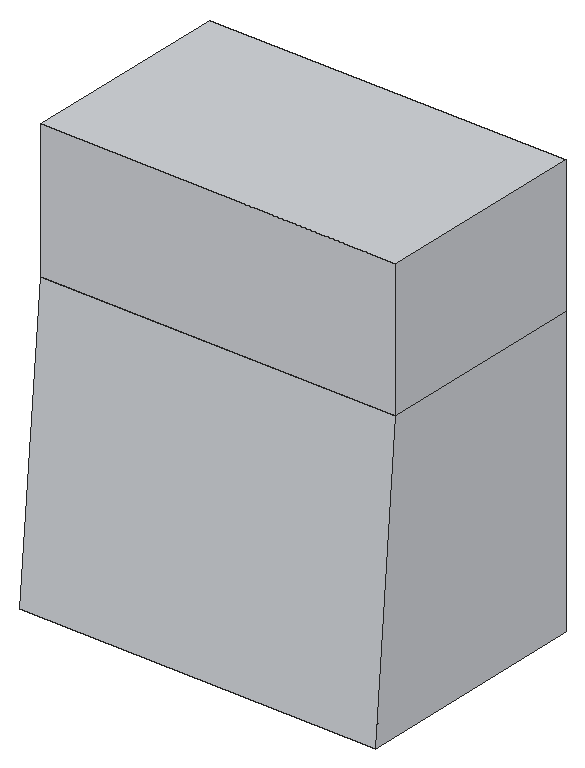
Revit family "M_Exaustor - Bancada - Sem dutos", category Terminais de ar, Revit 2019
Family settings
  Cota do conector redondo = Utilizar diâmetro
  Tipo de parte = Normal
  Número OmniClass = 23.40.70.11.11.11.14
  Título OmniClass = Laboratory Fume Hoods
  ID de item do Seek = Fume Hood - Bench - Ductless-0000-CAN-ENU
  Com base no plano de trabalho = Não
  Sempre na vertical = Sim
  Corte com vazios quando carregada = Não
  Compartilhado = Não
  Ponto de cálculo do ambiente = Não
Parameters (values of type "1050 mmx700 mmx1250 mm")
  Voltagem = 110 V
  Vidro de proteção = none
  Queda de pressão [instance] = 0.0 Pa
  Número de pólos = 1
  Fluxo mínimo = 48.14 L/s
  Fluxo máximo = 65.13 L/s
  Classificação de carga = Refrigeração
  Material da coifa = none
  Comprimento da coifa = 1066.8 mm
  Carga aparente = 270 VA
  Fluxo de ar [instance] = 65.13 L/s
Types (4, lengths in mm): name | Vidro de proteção | Queda de pressão | Comprimento da coifa
  (no name) | none | 0.0 Pa | 1066.8
  9100 mmx700 mmx1250 mm | Vidro | 124.42 Pa | 762
  1050 mmx700 mmx1250 mm | none | 0.0 Pa | 1066.8
  1350 mmx700 mmx1250 mm | none | 0.0 Pa | 1371.6
Reference planes
  plane 1 "Centro (Frente/Trás)": y = 0
  plane 2: z = 0
  plane 3 "Centro (Esquerda/Direita)": x = 0
  plane 4: y = 355.6
  plane 5: y = -355.6
  plane 6: z = 1270
  plane 7: z = 860.425
  plane 8: y = -279.4
  plane 9: x = -533.4
  plane 10: x = 533.4
  plane 11: x = -508
  plane 12: x = 508
Forms (mm)
  Extrusion 1, solid, material <- "Vidro de proteção"
    sketch origin (0, 0, 0) x (0, 1, 0) y (0, 0, 1)
      loop
        line (355.6, 860.425) -> (-279.4, 860.425) -> (-355.6, 0) -> (355.6, 0) -> (355.6, 860.425)
    from -533.4 to 533.4
  Extrusion 2, void
    sketch origin (0, 0, 0) x (0, 1, 0) y (0, 0, 1)
      loop
        line (330.2, 835.025) -> (-256.15, 835.025) -> (-327.851, 25.4) -> (330.2, 25.4) -> (330.2, 835.025)
    from -508 to 508
  Extrusion 3, solid
    sketch origin (0, 0, 0) x (0, 1, 0) y (0, 0, 1)
      loop
        line (355.6, 1270) -> (-279.4, 1270) -> (-279.4, 860.425) -> (355.6, 860.425) -> (355.6, 1270)
    from -533.4 to 533.4
Cuts and joins
  Extrusion 2 cuts Extrusion 1
Dimensions and locks
  equal spacing: plane 4, plane 1 "Centro (Frente/Trás)", plane 5
  locked: plane 4 to plane 5 at 711.2
  locked: plane 6 to plane 2 at 1270
  locked: plane 6 to plane 7 at 409.575
  locked: plane 4 to plane 8 at 635
  equal spacing: plane 9, plane 3 "Centro (Esquerda/Direita)", plane 10
  "Comprimento da coifa": plane 9 to plane 10
  locked: plane 9 to plane 11 at 25.4
  locked: plane 12 to plane 10 at 25.4
  locked: plane 7 to Extrusion 2 sketch curve at 25.4
  locked: plane 2 to Extrusion 2 sketch curve at 25.4
  locked: plane 4 to Extrusion 2 sketch curve at 25.4
  locked: Extrusion 2 sketch curve to Extrusion 1 at 25.4
  aligned and locked: Extrusion 1 sketch curve to plane 4
  aligned and locked: plane 2 to Extrusion 1 sketch curve
  aligned and locked: plane 7 to Extrusion 1 sketch curve
  aligned and locked: plane 8 to Extrusion 1 sketch curve
  aligned and locked: Extrusion 1 to plane 9
  aligned and locked: Extrusion 1 to plane 10
  aligned and locked: cut or joined group of Extrusion 1, Extrusion 2 to plane 11
  aligned and locked: plane 12 to cut or joined group of Extrusion 1, Extrusion 2
  aligned and locked: Extrusion 1 sketch curve to plane 7
  aligned and locked: plane 4 to Extrusion 3 sketch curve
  aligned and locked: plane 6 to Extrusion 3 sketch curve
  aligned and locked: Extrusion 3 sketch curve to cut or joined group of Extrusion 1, Extrusion 2
  aligned and locked: plane 7 to Extrusion 3 sketch curve
  aligned and locked: Extrusion 3 to plane 9
  aligned and locked: Extrusion 3 to plane 10
Automatic sketch dimensions
  Extrusion 1 sketch curve to plane 5 = 0 mm
  Extrusion 1 sketch curve to plane 8 = 0 mm
Connectors
  electrical at (0, -279.4, 1065.213), driven by "Carga aparente", driven by "Voltagem", driven by "Número de pólos", driven by "Classificação de carga"
    settings: on Extrusion 1, index 2, voltage 110 V, apparent load 270 VA, apparent load phase1 0 VA, apparent load phase2 0 VA, apparent load phase3 0 VA, power factor 0.8, load classification "Refrigeração", number of poles 1, system type 30, power factor state 1, is connector primary yes, connector utility no, sub classification motor no, connector description ""
  hvac at (0, 38.1, 1270), driven by "Fluxo de ar", driven by "Queda de pressão"
    settings: on Extrusion 3, index 3, duct flow 65.13 L/s, flow factor 0, pres drop 0.0 Pa, loss coef 0, conn angle 0.00°, conn width 304.8 mm, conn height 304.8 mm, conn diameter 254 mm, duct sys type 3, conn prof type 0, flow config 1, flow direction 2, loss method 4, conn ref index -1, conn util no, is conn primary yes, conn desc ""
